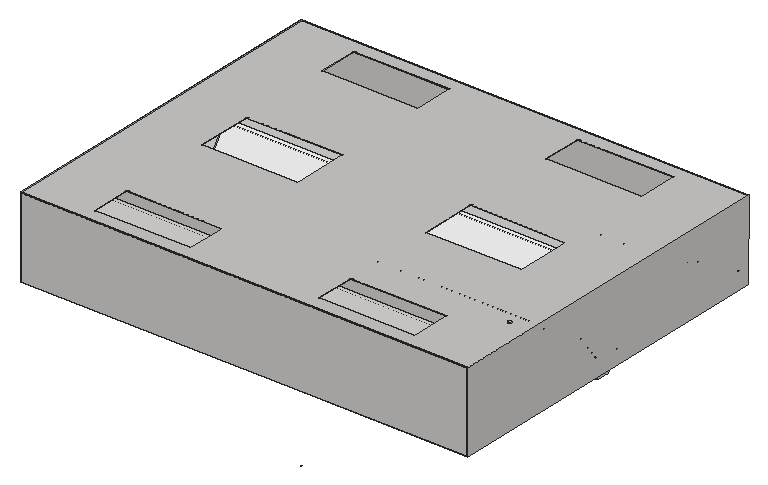
Revit family "QF_ELECTROLUXPROFESSIONAL_641268_STCF2228", category Attrezzature speciali, Revit 2021
Family settings
  Quota connettore circolare = Usa diametro
  Tipo di parte = Normale
  Basato su piano di lavoro = No
  Sempre verticale = Sì
  Taglio con vuoti quando caricato = No
  Condiviso = No
  Punto di calcolo locali = No
Parameters (values of type "Standard")
  Weight = 224.00 kg
  Watts = 480 W
  Volts = 220 V
  URL Manufacturer = "https://www.electroluxprofessional.com/"
  URL = "https://www.electroluxprofessional.com/"
  Steam Supply Size = 0 mm
  Steam Supply Minimum Pressure = 0.0 Pa
  Steam Supply Maximum Pressure = 0.0 Pa
  Steam Consumption per Hour = 0
  Refrigeration Suction Line Size = 0 mm
  Refrigeration Liquid Line Size = 0 mm
  Refrigerant Compressor Remote = yes
  Prospetto di default = 0 mm
  Produttore = "Electrolux Professional"
  Phase = 1
  Modello = "STCF2228"
  Length Actual = 2800 mm  # constant formula
  Item Number = "641268"
  Hot Water Size = 0 mm
  Height Actual = 500 mm  # constant formula
  HP = "0.6 HP"
  Gas Size = 0 mm
  Gas KW = 0
  Gas Input Pressure = 0 W
  Direct Waste Size = 0 mm
  Descrizione = "304 S/S ISLAND HOOD+FILT.+LAMP 2800X2200"
  Depth Actual = 2200 mm  # constant formula
  Cycle = 50 Hz
  Condensate Return Size = 0 mm
  Compressed Air Volume = 0.0 L/s
  Compressed Air Size = 0 mm
  Compressed Air Pressure = 0.0 Pa
  Cold Water Size = 0 mm
  Accessory = yes
Reference planes
  plane 1: z = 0
  plane 2 "Center (Left/Right)": x = 150
  plane 3 "LEFT": x = -1250
  plane 4 "RIGHT": x = 1550
  plane 5 "BACK": y = 550
  plane 6 "TOP": z = 2500
  plane 7 "Base": z = 2000
  plane 8: z = 1955
  plane 9: x = -1247
  plane 10 "DrainX": x = 1430
  plane 11 "AOLeft2": x = -250
  plane 12 "AORight1": x = 550
  plane 13: x = 1547
  plane 14: x = -1050
  plane 15: x = 1350
  plane 16 "Center (Front/Back)": y = -550
  plane 17 "Front": y = -1650
  plane 18 "AOLeft1": x = -850
  plane 19 "AORight2": x = 1150
  plane 20 "EI_y": y = -1170
  plane 21 "EIx": x = 1430
  plane 22: y = 464
  plane 23: y = 214
  plane 24: y = -1564
  plane 25: y = -1314
  plane 26: y = -375
  plane 27: y = -725
Forms (mm)
  Extrusion 1, solid, material "QF_Finishes_Stainless Steel"
    sketch origin (-1250, 0, 360) x (0, 1, 0) y (0, 0, 1)
      loop
        line (550, 1640) -> (550, 2140) -> (-1650, 2140) -> (-1650, 1640) -> (550, 1640)
    from 0 to 3
  Extrusion 2, solid, material "QF_Finishes_Stainless Steel"
    sketch origin (1550, 0, 360) x (0, 1, 0) y (0, 0, 1)
      loop
        line (550, 1640) -> (550, 2140) -> (-1650, 2140) -> (-1650, 1640) -> (550, 1640)
    from 0 to -3
  Extrusion 3, solid, material "QF_Finishes_Stainless Steel"
    sketch origin (150, 0, 360) x (0, 1, 0) y (0, 0, 1)
      loop
        line (-1650, 2140) -> (-1650, 1640) -> (-1640, 1640) -> (-1640, 1640.8) -> (-1649.2, 1640.8) -> (-1649.2, 2139.19) -> (549.2, 2139.19) -> (549.2, 1640.8) -> (540, 1640.8) -> (540, 1640) -> (550, 1640) -> (550, 2140) -> (-1650, 2140)
    from -1400 to 1400
  Extrusion 4, solid, material "QF_Finishes_Stainless Steel"
    sketch origin (0, -840, 2000) x (0, 1, 0) y (-1, 0, 0)
      loop
        circle (290, -1430) r 4.763
    from -30 to 0
  Extrusion 5, void
    sketch origin (0, 0, 2500) x (0, 1, 0) y (-1, 0, 0)
      loop
        line (-1564, 250) -> (-1314, 250) -> (-1314, 850) -> (-1564, 850) -> (-1564, 250)
    from 0 to -10
  Extrusion 6, solid, material "QF_Finishes_Stainless Steel"
    sketch origin (0, 0, 0) x (1, 0, 0) y (0, 1, 0)
      loop
        line (-1250, 550) -> (-1250, 549) -> (-1249, 549) -> (-1249, 550) -> (-1250, 550)
    from 0 to 1
  Sweep 7, solid, material "QF_Finishes_Stainless Steel"
    path origin (0, 0, 0) x (1, 0, 0) y (0, 1, 0)
      loop
        line (1550, 550) -> (-1250, 550) -> (-1250, -1650) -> (1550, -1650) -> (1550, 550)
    profile origin (1550, -550, 0) x (1, 0, 0) y (0, 0, 1)
      loop
        line (-3, 2000) -> (-3, 2000.8) -> (-19, 2000.8) -> (-19, 2010) -> (-20, 2010) -> (-20, 2000) -> (-3, 2000)
  Extrusion 8, solid, material "QF_Finishes_Stainless Steel"
    sketch origin (150, -636.588, -19.176) x (0, 0.995194, 0.097925) y (0, -0.097925, 0.995194)
      loop
        line (214.66, 2095.469) -> (240.643, 2110.471) -> (61.744, 2411.771) -> (35.948, 2396.455) -> (214.66, 2095.469)
    from -1397 to -1200
  Extrusion 9, void
    sketch origin (1134.605, 0, 2500) x (0, 1, 0) y (-1, 0, 0)
      loop
        line (-1564, -15.395) -> (-1314, -15.395) -> (-1314, 584.605) -> (-1564, 584.605) -> (-1564, -15.395)
    from 0 to -10
  Extrusion 10, solid, material "QF_Finishes_Stainless Steel"
    sketch origin (1430, -840, 0) x (0, 1, 0) y (0, 0, 1)
      loop
        line (339, 2000) -> (241, 2000) -> (241, 1989) -> (248.5, 1989) -> (248.5, 1965)
        arc (248.5, 1965) -> (251.429, 1957.929) -> (258.5, 1955) r 10
        line (258.5, 1955) -> (321.5, 1955)
        arc (321.5, 1955) -> (328.571, 1957.929) -> (331.5, 1965) r 10
        line (331.5, 1965) -> (331.5, 1989) -> (339, 1989) -> (339, 2000)
    from 90 to -90
  Extrusion 11, solid, material "QF_Finishes_Stainless Steel"
    sketch origin (150, -636.588, -19.176) x (0, 0.995194, 0.097925) y (0, -0.097925, 0.995194)
      loop
        line (214.66, 2095.469) -> (240.643, 2110.471) -> (61.744, 2411.771) -> (35.948, 2396.455) -> (214.66, 2095.469)
    from 1200 to 1397
  Extrusion 12, solid, material "QF_Finished_Chrome"
    sketch origin (150, -636.588, -19.176) x (0, 0.995194, 0.097925) y (0, -0.097925, 0.995194)
      loop
        line (214.66, 2095.469) -> (240.643, 2110.471) -> (61.744, 2411.771) -> (35.948, 2396.455) -> (214.66, 2095.469)
    from -1200 to 1200
  Extrusion 13, void
    sketch origin (0, 1180, 2500) x (0, 1, 0) y (-1, 0, 0)
      loop
        line (-1555, 250) -> (-1555, 850) -> (-1905, 850) -> (-1905, 250) -> (-1555, 250)
    from 0 to -10
  Extrusion 14, void
    sketch origin (1600, 1180, 2500) x (0, 1, 0) y (-1, 0, 0)
      loop
        line (-1555, 450) -> (-1555, 1050) -> (-1905, 1050) -> (-1905, 450) -> (-1555, 450)
    from 0 to -10
  Extrusion 15, solid, material "QF_Finishes_Stainless Steel"
    sketch origin (0, 0, 2500) x (0, 1, 0) y (-1, 0, 0)
      loop
        circle (-1170, -1430) r 10
    from 0 to 1.6
  Extrusion 16, solid, material "QF_LAMPS"
    sketch origin (150, -267.149, 218.369) x (0, 0.987229, -0.159309) y (0, 0.159309, 0.987229)
      loop
        line (-1250.105, 1928.62) -> (-1096.231, 2053.226) -> (-1104.529, 2063.269) -> (-1258.575, 1938.524) -> (-1250.105, 1928.62)
    from 1397 to -1397
  Extrusion 17, solid, material "QF_Finishes_Stainless Steel"
    sketch origin (150, 0, 360) x (0, 1, 0) y (0, 0, 1)
      loop
        line (-1650, 2139.19) -> (-1650, 1640) -> (-1586.602, 1640) -> (-1499.146, 1690.493) -> (-1510.058, 1709.394) -> (-1566.564, 1676.77) -> (-1614.704, 1680.982) -> (-1649.2, 1730.248) -> (-1649.2, 2139.19) -> (-1650, 2139.19)
      loop
        line (-1194.054, 1961.505) -> (-1200.838, 1972.631) -> (-1186.477, 1980.7) -> (-1186.477, 2127.391) -> (-1085.664, 2127.391) -> (-1029.871, 2072.95) -> (-1022.281, 2060.013) -> (-919.435, 2120.351) -> (-919.902, 2121.003) -> (-1021.996, 2061.107) -> (-1029.236, 2073.448) -> (-1085.338, 2128.191) -> (-1187.277, 2128.191) -> (-1187.277, 1982.446) -> (-1586.208, 1744.533) -> (-1576.362, 1728.386) -> (-1194.054, 1961.505)
    from -1397 to 1397
  Extrusion 18, void
    sketch origin (0, 814, 2500) x (0, 1, 0) y (-1, 0, 0)
      loop
        line (-600, 250) -> (-350, 250) -> (-350, 850) -> (-600, 850) -> (-600, 250)
    from 0 to -10
  Extrusion 19, void
    sketch origin (1134.605, 814, 2500) x (0, 1, 0) y (-1, 0, 0)
      loop
        line (-600, -15.395) -> (-350, -15.395) -> (-350, 584.605) -> (-600, 584.605) -> (-600, -15.395)
    from 0 to -10
  Extrusion 20, solid, material "QF_Finishes_Stainless Steel"
    sketch origin (150, 0, 0) x (0, 1, 0) y (0, 0, 1)
      loop
        line (-628.158, 2087.242) -> (-603.769, 2104.716) -> (-811.314, 2387.05) -> (-835.486, 2369.281) -> (-628.158, 2087.242)
    from -1397 to -1200
  Extrusion 21, solid, material "QF_Finished_Chrome"
    sketch origin (150, 0, 0) x (0, 1, 0) y (0, 0, 1)
      loop
        line (-628.158, 2087.242) -> (-603.769, 2104.716) -> (-811.314, 2387.05) -> (-835.486, 2369.281) -> (-628.158, 2087.242)
    from -1200 to 1200
  Extrusion 22, solid, material "QF_Finishes_Stainless Steel"
    sketch origin (150, -870.88, 319.508) x (0, 0.995194, 0.097925) y (0, -0.097925, 0.995194)
      loop
        line (426.151, 1646.675) -> (483.9, 1640.993) -> (483.982, 1641.83) -> (426.613, 1647.475) -> (371.906, 1742.23) -> (414.858, 1734.657) -> (442.266, 1750.481) -> (442.266, 1765.943) -> (441.466, 1765.943) -> (441.466, 1750.943) -> (414.709, 1735.495) -> (321.153, 1751.991) -> (320.875, 1750.416) -> (371.4, 1741.507) -> (426.151, 1646.675)
      loop
        line (162.878, 2155.907) -> (242.893, 2017.316) -> (245.133, 2018.715) -> (240.13, 2027.381) -> (238.569, 2026.405) -> (163.571, 2156.307) -> (162.878, 2155.907)
    from -1397 to 1397
  Extrusion 23, solid, material "QF_Finishes_Stainless Steel"
    sketch origin (150, -463.412, -19.176) x (0, -0.995194, 0.097925) y (0, -0.097925, -0.995194)
      loop
        line (214.66, -2095.469) -> (35.948, -2396.455) -> (61.744, -2411.771) -> (240.643, -2110.471) -> (214.66, -2095.469)
    from 1200 to 1397
  Extrusion 24, solid, material "QF_Finishes_Stainless Steel"
    sketch origin (150, 0, 0) x (0, 1, 0) y (0, 0, 1)
      loop
        line (-471.842, 2087.242) -> (-264.514, 2369.281) -> (-288.686, 2387.05) -> (-496.231, 2104.716) -> (-471.842, 2087.242)
    from -1397 to -1200
  Extrusion 25, solid, material "QF_Finished_Chrome"
    sketch origin (150, 0, 0) x (0, 1, 0) y (0, 0, 1)
      loop
        line (-471.842, 2087.242) -> (-264.514, 2369.281) -> (-288.686, 2387.05) -> (-496.231, 2104.716) -> (-471.842, 2087.242)
    from -1200 to 1200
  Extrusion 26, solid, material "QF_Finishes_Stainless Steel"
    sketch origin (150, -229.12, 319.508) x (0, -0.995194, 0.097925) y (0, -0.097925, -0.995194)
      loop
        line (426.151, -1646.675) -> (371.4, -1741.507) -> (320.875, -1750.416) -> (321.153, -1751.991) -> (414.709, -1735.495) -> (441.466, -1750.943) -> (441.466, -1765.943) -> (442.266, -1765.943) -> (442.266, -1750.481) -> (414.858, -1734.657) -> (371.906, -1742.23) -> (426.613, -1647.475) -> (483.982, -1641.83) -> (483.9, -1640.993) -> (426.151, -1646.675)
      loop
        line (162.878, -2155.907) -> (163.571, -2156.307) -> (238.569, -2026.405) -> (240.13, -2027.381) -> (245.133, -2018.715) -> (242.893, -2017.316) -> (162.878, -2155.907)
    from -1397 to 1397
  Extrusion 27, solid, material "QF_LAMPS"
    sketch origin (150, -832.851, 218.369) x (0, -0.987229, -0.159309) y (0, 0.159309, -0.987229)
      loop
        line (-1250.105, -1928.62) -> (-1258.575, -1938.524) -> (-1104.529, -2063.269) -> (-1096.231, -2053.226) -> (-1250.105, -1928.62)
    from 1397 to -1397
  Extrusion 28, solid, material "QF_Finishes_Stainless Steel"
    sketch origin (150, -1100, 360) x (0, -1, 0) y (0, 0, -1)
      loop
        line (-1650, -2139.19) -> (-1649.2, -2139.19) -> (-1649.2, -1730.248) -> (-1614.704, -1680.982) -> (-1566.564, -1676.77) -> (-1510.058, -1709.394) -> (-1499.146, -1690.493) -> (-1586.602, -1640) -> (-1650, -1640) -> (-1650, -2139.19)
      loop
        line (-1194.054, -1961.505) -> (-1576.362, -1728.386) -> (-1586.208, -1744.533) -> (-1187.277, -1982.446) -> (-1187.277, -2128.191) -> (-1085.338, -2128.191) -> (-1029.236, -2073.448) -> (-1021.996, -2061.107) -> (-919.902, -2121.003) -> (-919.435, -2120.351) -> (-1022.281, -2060.013) -> (-1029.871, -2072.95) -> (-1085.664, -2127.391) -> (-1186.477, -2127.391) -> (-1186.477, -1980.7) -> (-1200.838, -1972.631) -> (-1194.054, -1961.505)
    from -1397 to 1397
Cuts and joins
  Extrusion 5, Extrusion 9, Extrusion 13, Extrusion 14, Extrusion 18, Extrusion 19 cuts Extrusion 3
  joined: Extrusion 2, Extrusion 3, Sweep 7
Lines and regions (mm)
  symbolic lines, style "SpecialityEquipment", detail levels coarse
    curve 1: line (1550, 550, 2500) -> (-1250, 550, 2500)
    curve 2: line (-1250, 550, 2500) -> (-1250, -1650, 2500)
    curve 3: line (1550, -1650, 2500) -> (1550, 550, 2500)
    curve 4: line (-1250, 550, 0) -> (1550, -1650, 0)
    curve 5: line (1550, 550, 0) -> (-1250, -1650, 0)
    curve 6: line (-1250, -1650, 0) -> (1550, -1650, 0)
  symbolic lines, detail levels coarse
    curve 7: line (-850, 464, 2500) -> (-250, 464, 2500)
    curve 8: line (-850, 214, 2500) -> (-850, 464, 2500)
    curve 9: line (-250, 214, 2500) -> (-850, 214, 2500)
    curve 10: line (-250, 464, 2500) -> (-250, 214, 2500)
    curve 11: line (550, 464, 2500) -> (1150, 464, 2500)
    curve 12: line (550, 214, 2500) -> (550, 464, 2500)
    curve 13: line (1150, 214, 2500) -> (550, 214, 2500)
    curve 14: line (1150, 464, 2500) -> (1150, 214, 2500)
    curve 15: line (-850, -375, 2500) -> (-250, -375, 2500)
    curve 16: line (-850, -725, 2500) -> (-850, -375, 2500)
    curve 17: line (-250, -725, 2500) -> (-850, -725, 2500)
    curve 18: line (-250, -375, 2500) -> (-250, -725, 2500)
    curve 19: line (550, -375, 2500) -> (1150, -375, 2500)
    curve 20: line (550, -725, 2500) -> (550, -375, 2500)
    curve 21: line (1150, -725, 2500) -> (550, -725, 2500)
    curve 22: line (1150, -375, 2500) -> (1150, -725, 2500)
    curve 23: line (-850, -1314, 2500) -> (-250, -1314, 2500)
    curve 24: line (-850, -1564, 2500) -> (-850, -1314, 2500)
    curve 25: line (-250, -1564, 2500) -> (-850, -1564, 2500)
    curve 26: line (-250, -1314, 2500) -> (-250, -1564, 2500)
    curve 27: line (550, -1314, 2500) -> (1150, -1314, 2500)
    curve 28: line (550, -1564, 2500) -> (550, -1314, 2500)
    curve 29: line (1150, -1564, 2500) -> (550, -1564, 2500)
    curve 30: line (1150, -1314, 2500) -> (1150, -1564, 2500)
Dimensions and locks
  plane 3 "LEFT" to plane 4 "RIGHT" = 2800 mm
  equal spacing: plane 3 "LEFT", plane 2 "Center (Left/Right)", plane 4 "RIGHT"
  plane 7 "Base" to plane 8 = 45 mm
  plane 3 "LEFT" to plane 9 = 3 mm
  plane 10 "DrainX" to plane 4 "RIGHT" = 120 mm
  plane 13 to plane 4 "RIGHT" = 3 mm
  plane 3 "LEFT" to plane 14 = 200 mm
  plane 15 to plane 4 "RIGHT" = 200 mm
  locked: plane 11 "AOLeft2" to plane 12 "AORight1" at 800
  equal spacing: plane 11 "AOLeft2", plane 2 "Center (Left/Right)", plane 12 "AORight1"
  locked: plane 7 "Base" to level at 2000
  locked: plane 6 "TOP" to plane 7 "Base" at 500
  locked: plane 18 "AOLeft1" to plane 11 "AOLeft2" at 600
  locked: plane 12 "AORight1" to plane 19 "AORight2" at 600
  locked: plane 20 "EI_y" to plane 17 "Front" at 480
  locked: plane 21 "EIx" to plane 4 "RIGHT" at 120
  locked: plane 5 "BACK" to plane 22 at 86
  plane 22 to plane 23 = 250 mm
  locked: plane 24 to plane 17 "Front" at 86
  locked: plane 24 to plane 25 at 250
  plane 26 to plane 16 "Center (Front/Back)" = 175 mm
  plane 16 "Center (Front/Back)" to plane 27 = 175 mm
  plane 26 to plane 27 = 350 mm
  locked: plane 5 "BACK" to plane 17 "Front" at 2200
  plane 5 "BACK" to plane 16 "Center (Front/Back)" to plane 17 "Front" = 1100 mm, 1100 mm
  plane 5 "BACK" to plane 17 "Front" = 2200 mm
  aligned and locked: level to plane 1
  aligned and locked: plane 4 "RIGHT" to Extrusion 3
  aligned and locked: Extrusion 3 to plane 3 "LEFT"
  aligned and locked: Extrusion 2 to plane 13
  aligned and locked: Extrusion 8 to plane 9
  aligned and locked: plane 18 "AOLeft1" to Extrusion 5
  aligned and locked: Extrusion 5 to plane 11 "AOLeft2"
  aligned and locked: Extrusion 9 to plane 19 "AORight2"
  aligned and locked: plane 12 "AORight1" to Extrusion 9
  aligned and locked: plane 14 to Extrusion 8
  aligned and locked: plane 15 to Extrusion 11
  aligned and locked: plane 13 to Extrusion 11
  aligned and locked: Extrusion 12 to plane 14
  aligned and locked: Extrusion 12 to plane 15
  aligned and locked: plane 12 "AORight1" to Extrusion 14
  aligned and locked: plane 19 "AORight2" to Extrusion 14
  aligned and locked: Extrusion 13 to plane 18 "AOLeft1"
  aligned and locked: Extrusion 13 to plane 11 "AOLeft2"
  aligned and locked: plane 24 to Extrusion 5
  aligned and locked: Extrusion 5 to plane 25
  aligned and locked: Extrusion 9 to plane 25
  aligned and locked: plane 24 to Extrusion 9
  aligned and locked: Extrusion 18 to plane 18 "AOLeft1"
  aligned and locked: Extrusion 18 to plane 11 "AOLeft2"
  aligned and locked: plane 12 "AORight1" to Extrusion 19
  aligned and locked: plane 19 "AORight2" to Extrusion 19
  aligned and locked: plane 26 to Extrusion 13
  aligned and locked: Extrusion 13 to plane 27
  aligned and locked: plane 26 to Extrusion 14
  aligned and locked: Extrusion 14 to plane 27
  aligned and locked: plane 22 to Extrusion 18
  aligned and locked: Extrusion 18 to plane 23
  aligned and locked: plane 22 to Extrusion 19
  aligned and locked: Extrusion 19 to plane 23
  aligned and locked: Extrusion 17 to plane 9
  aligned and locked: Extrusion 16 to plane 9
  aligned and locked: Extrusion 16 to plane 13
  aligned and locked: Extrusion 17 to plane 13
  aligned and locked: Extrusion 28 to plane 9
  aligned and locked: Extrusion 27 to plane 9
  aligned and locked: Extrusion 26 to plane 9
  aligned and locked: plane 9 to Extrusion 20
  aligned and locked: Extrusion 22 to plane 9
  aligned and locked: plane 14 to Extrusion 20
  aligned and locked: Extrusion 25 to plane 14
  aligned and locked: plane 13 to Extrusion 22
  aligned and locked: plane 13 to Extrusion 26
  aligned and locked: plane 13 to Extrusion 28
  aligned and locked: Extrusion 23 to plane 13
  aligned and locked: plane 13 to Extrusion 27
  aligned and locked: Extrusion 21 to plane 14
  aligned and locked: Extrusion 21 to plane 15
  aligned and locked: plane 15 to Extrusion 23
  aligned and locked: Extrusion 25 to plane 15
  aligned and locked: plane 14 to Extrusion 24
  aligned and locked: Extrusion 24 to plane 9
Automatic sketch dimensions
  curve 6 to plane 3 "LEFT" = 0 mm
  curve 4 to plane 3 "LEFT" = 0 mm
  curve 5 to plane 4 "RIGHT" = 0 mm
  curve 6 to plane 4 "RIGHT" = 0 mm
  curve 4 to plane 17 "Front" = 0 mm
  curve 5 to plane 5 "BACK" = 0 mm
  curve 4 to plane 5 "BACK" = 0 mm
  Extrusion 1 sketch curve to plane 7 "Base" = 0 mm
  Extrusion 1 sketch curve to plane 17 "Front" = 0 mm
  Extrusion 1 sketch curve to plane 5 "BACK" = 0 mm
  Extrusion 1 sketch curve to plane 6 "TOP" = 0 mm
  Extrusion 2 sketch curve to plane 7 "Base" = 0 mm
  Extrusion 2 sketch curve to plane 17 "Front" = 0 mm
  Extrusion 2 sketch curve to plane 5 "BACK" = 0 mm
  Extrusion 2 sketch curve to plane 6 "TOP" = 0 mm
  Extrusion 3 sketch curve to plane 6 "TOP" = 0 mm
  Extrusion 3 sketch curve to plane 17 "Front" = 0 mm
  Extrusion 3 sketch curve to plane 7 "Base" = 0 mm  (x2)
  Extrusion 3 sketch curve to plane 5 "BACK" = 0 mm
  plane 17 "Front" to Extrusion 3 sketch curve = 0.8 mm
  Extrusion 3 sketch curve to Extrusion 3 sketch curve = 9.2 mm
  plane 7 "Base" to Extrusion 3 sketch curve = 0.8 mm  (x2)
  Extrusion 3 sketch curve to plane 5 "BACK" = 10 mm
  Extrusion 3 sketch curve to plane 5 "BACK" = 0.8 mm
  Extrusion 3 sketch curve to plane 6 "TOP" = 0.81 mm
  Extrusion 4 sketch curve to plane 10 "DrainX" = 0 mm
  Extrusion 4 sketch curve to plane 16 "Center (Front/Back)" = 0 mm
  Extrusion 5 sketch curve to plane 18 "AOLeft1" = 0 mm
  plane 24 to Extrusion 5 sketch curve = 0 mm
  Extrusion 5 sketch curve to plane 11 "AOLeft2" = 0 mm
  plane 25 to Extrusion 5 sketch curve = 0 mm
  Extrusion 6 sketch curve to plane 3 "LEFT" = 0 mm
  Extrusion 6 sketch curve to plane 5 "BACK" = 0 mm
  plane 3 "LEFT" to Extrusion 6 sketch curve = 1 mm
  Extrusion 6 sketch curve to Extrusion 6 sketch curve = 1 mm
  Sweep 7 sketch curve to plane 3 "LEFT" = 0 mm
  Sweep 7 sketch curve to plane 4 "RIGHT" = 0 mm
  Sweep 7 sketch curve to plane 17 "Front" = 0 mm
  Sweep 7 sketch curve to plane 5 "BACK" = 0 mm
  profile plane to Sweep 7 sketch curve = 20 mm
  Sweep 7 sketch curve to Sweep 7 sketch curve = 1 mm
  profile plane to Sweep 7 sketch curve = 3 mm
  level to Sweep 7 sketch curve = 2000 mm
  Sweep 7 sketch curve to Sweep 7 sketch curve = 0.8 mm
  Sweep 7 sketch curve to Sweep 7 sketch curve = 9.2 mm
  Extrusion 8 sketch curve to plane 27 = 110.486 mm
  Extrusion 8 sketch curve to plane 6 "TOP" = 130.719 mm
  Extrusion 8 sketch curve to Extrusion 8 sketch curve = 25.795 mm
  Extrusion 8 sketch curve to Extrusion 8 sketch curve = 178.712 mm
  Extrusion 8 sketch curve to Extrusion 8 sketch curve = 25.983 mm
  Extrusion 8 sketch curve to Extrusion 8 sketch curve = 285.985 mm
  Extrusion 8 sketch curve to Extrusion 8 sketch curve = 15.001 mm
  Extrusion 8 sketch curve to Extrusion 8 sketch curve = 15.316 mm
  Extrusion 9 sketch curve to plane 12 "AORight1" = 0 mm
  plane 24 to Extrusion 9 sketch curve = 0 mm
  Extrusion 9 sketch curve to plane 19 "AORight2" = 0 mm
  plane 25 to Extrusion 9 sketch curve = 0 mm
  Extrusion 10 sketch curve to plane 8 = 0 mm
  Extrusion 10 sketch curve to plane 7 "Base" = 11 mm  (x2)
  Extrusion 10 sketch curve to plane 16 "Center (Front/Back)" = 49 mm
  Extrusion 10 sketch curve to Extrusion 10 sketch curve = 7.5 mm  (x2)
  plane 8 to Extrusion 10 sketch curve = 10 mm
  plane 16 "Center (Front/Back)" to Extrusion 10 sketch curve = 31.5 mm
  Extrusion 10 sketch curve to Extrusion 10 sketch curve = 10 mm
  plane 7 "Base" to Extrusion 10 sketch curve = 0 mm
  Extrusion 11 sketch curve to plane 27 = 110.486 mm
  Extrusion 11 sketch curve to plane 6 "TOP" = 130.719 mm
  Extrusion 11 sketch curve to Extrusion 11 sketch curve = 25.795 mm
  Extrusion 11 sketch curve to Extrusion 11 sketch curve = 178.712 mm
  Extrusion 11 sketch curve to Extrusion 11 sketch curve = 25.983 mm
  Extrusion 11 sketch curve to Extrusion 11 sketch curve = 285.985 mm
  Extrusion 11 sketch curve to Extrusion 11 sketch curve = 15.001 mm
  Extrusion 11 sketch curve to Extrusion 11 sketch curve = 15.316 mm
  Extrusion 12 sketch curve to plane 27 = 110.486 mm
  Extrusion 12 sketch curve to plane 6 "TOP" = 130.719 mm
  Extrusion 12 sketch curve to Extrusion 12 sketch curve = 25.795 mm
  Extrusion 12 sketch curve to Extrusion 12 sketch curve = 178.712 mm
  Extrusion 12 sketch curve to Extrusion 12 sketch curve = 25.983 mm
  Extrusion 12 sketch curve to Extrusion 12 sketch curve = 285.985 mm
  Extrusion 12 sketch curve to Extrusion 12 sketch curve = 15.001 mm
  Extrusion 12 sketch curve to Extrusion 12 sketch curve = 15.316 mm
  Extrusion 13 sketch curve to plane 11 "AOLeft2" = 0 mm
  Extrusion 13 sketch curve to plane 27 = 0 mm
  Extrusion 13 sketch curve to plane 26 = 0 mm
  Extrusion 13 sketch curve to plane 18 "AOLeft1" = 0 mm
  Extrusion 14 sketch curve to plane 19 "AORight2" = 0 mm
  Extrusion 14 sketch curve to plane 27 = 0 mm
  Extrusion 14 sketch curve to plane 26 = 0 mm
  Extrusion 14 sketch curve to plane 12 "AORight1" = 0 mm
  Extrusion 15 sketch curve to plane 20 "EI_y" = 0 mm
  Extrusion 15 sketch curve to plane 21 "EIx" = 0 mm
  Extrusion 16 sketch curve to plane 20 "EI_y" = 30.826 mm
  Extrusion 16 sketch curve to plane 6 "TOP" = 167.362 mm
  Extrusion 16 sketch curve to Extrusion 16 sketch curve = 8.47 mm
  Extrusion 16 sketch curve to Extrusion 16 sketch curve = 154.047 mm
  Extrusion 16 sketch curve to Extrusion 16 sketch curve = 8.298 mm
  Extrusion 16 sketch curve to Extrusion 16 sketch curve = 9.904 mm
  Extrusion 16 sketch curve to Extrusion 16 sketch curve = 124.605 mm
  Extrusion 16 sketch curve to Extrusion 16 sketch curve = 10.043 mm
  Extrusion 17 sketch curve to plane 17 "Front" = 0 mm
  Extrusion 17 sketch curve to plane 7 "Base" = 0 mm
  plane 17 "Front" to Extrusion 17 sketch curve = 0.8 mm
  plane 17 "Front" to Extrusion 17 sketch curve = 35.296 mm
  plane 24 to Extrusion 17 sketch curve = 22.602 mm
  plane 24 to Extrusion 17 sketch curve = 22.208 mm
  plane 24 to Extrusion 17 sketch curve = 12.362 mm
  plane 24 to Extrusion 17 sketch curve = 2.564 mm
  Extrusion 17 sketch curve to plane 24 = 53.942 mm
  Extrusion 17 sketch curve to Extrusion 17 sketch curve = 10.912 mm
  Extrusion 17 sketch curve to plane 20 "EI_y" = 30.838 mm
  Extrusion 17 sketch curve to Extrusion 17 sketch curve = 6.784 mm
  Extrusion 17 sketch curve to Extrusion 17 sketch curve = 13.561 mm
  Extrusion 17 sketch curve to Extrusion 17 sketch curve = 0.8 mm  (x2)
  Extrusion 17 sketch curve to plane 6 "TOP" = 12.609 mm
  plane 20 "EI_y" to Extrusion 17 sketch curve = 84.336 mm
  Extrusion 17 sketch curve to Extrusion 17 sketch curve = 0.326 mm
  Extrusion 17 sketch curve to plane 6 "TOP" = 67.05 mm
  Extrusion 17 sketch curve to Extrusion 17 sketch curve = 55.793 mm
  Extrusion 17 sketch curve to plane 6 "TOP" = 66.552 mm
  Extrusion 17 sketch curve to Extrusion 17 sketch curve = 0.636 mm
  Extrusion 17 sketch curve to Extrusion 17 sketch curve = 7.59 mm
  Extrusion 17 sketch curve to plane 6 "TOP" = 78.893 mm
  Extrusion 17 sketch curve to Extrusion 17 sketch curve = 0.285 mm
  Extrusion 17 sketch curve to plane 6 "TOP" = 18.997 mm
  Extrusion 17 sketch curve to plane 6 "TOP" = 19.649 mm
  Extrusion 17 sketch curve to Extrusion 17 sketch curve = 0.467 mm
  plane 7 "Base" to Extrusion 17 sketch curve = 36.77 mm
  plane 7 "Base" to Extrusion 17 sketch curve = 40.982 mm
  plane 7 "Base" to Extrusion 17 sketch curve = 50.493 mm
  Extrusion 17 sketch curve to Extrusion 17 sketch curve = 18.901 mm
  Extrusion 17 sketch curve to Extrusion 17 sketch curve = 51.616 mm
  Extrusion 17 sketch curve to Extrusion 17 sketch curve = 49.266 mm
  Extrusion 17 sketch curve to Extrusion 17 sketch curve = 16.147 mm
  Extrusion 17 sketch curve to Extrusion 17 sketch curve = 165.885 mm
  Extrusion 17 sketch curve to Extrusion 17 sketch curve = 8.069 mm
  Extrusion 17 sketch curve to Extrusion 17 sketch curve = 1.746 mm
  Extrusion 17 sketch curve to Extrusion 17 sketch curve = 1.094 mm
  Extrusion 17 sketch curve to plane 6 "TOP" = 0.81 mm
  plane 18 "AOLeft1" to Extrusion 18 sketch curve = 0 mm
  Extrusion 18 sketch curve to plane 23 = 0 mm
  Extrusion 18 sketch curve to plane 11 "AOLeft2" = 0 mm
  Extrusion 18 sketch curve to plane 22 = 0 mm
  Extrusion 19 sketch curve to plane 12 "AORight1" = 0 mm
  Extrusion 19 sketch curve to plane 23 = 0 mm
  Extrusion 19 sketch curve to plane 19 "AORight2" = 0 mm
  Extrusion 19 sketch curve to plane 22 = 0 mm
  Extrusion 22 sketch curve to plane 6 "TOP" = 18.997 mm
  Extrusion 22 sketch curve to plane 27 = 194.902 mm
  Extrusion 22 sketch curve to Extrusion 22 sketch curve = 0.693 mm
  Extrusion 22 sketch curve to Extrusion 22 sketch curve = 74.998 mm
  Extrusion 22 sketch curve to Extrusion 22 sketch curve = 1.561 mm
  Extrusion 22 sketch curve to Extrusion 22 sketch curve = 4.324 mm
  Extrusion 22 sketch curve to Extrusion 22 sketch curve = 2.24 mm
  Extrusion 22 sketch curve to Extrusion 22 sketch curve = 77.982 mm
  Extrusion 22 sketch curve to Extrusion 22 sketch curve = 0.278 mm
  Extrusion 22 sketch curve to Extrusion 22 sketch curve = 50.525 mm
  Extrusion 22 sketch curve to Extrusion 22 sketch curve = 0.506 mm
  Extrusion 22 sketch curve to Extrusion 22 sketch curve = 42.803 mm
  Extrusion 22 sketch curve to Extrusion 22 sketch curve = 0.148 mm
  Extrusion 22 sketch curve to Extrusion 22 sketch curve = 11.294 mm
  Extrusion 22 sketch curve to Extrusion 22 sketch curve = 0.462 mm  (x2)
  Extrusion 22 sketch curve to Extrusion 22 sketch curve = 57.287 mm
  Extrusion 22 sketch curve to Extrusion 22 sketch curve = 0.082 mm
  Extrusion 22 sketch curve to Extrusion 22 sketch curve = 26.757 mm
  Extrusion 22 sketch curve to Extrusion 22 sketch curve = 0.8 mm
  Extrusion 22 sketch curve to Extrusion 22 sketch curve = 128.526 mm
  Extrusion 22 sketch curve to Extrusion 22 sketch curve = 0.975 mm
  Extrusion 22 sketch curve to Extrusion 22 sketch curve = 1.399 mm
  Extrusion 22 sketch curve to Extrusion 22 sketch curve = 252.773 mm
  Extrusion 22 sketch curve to Extrusion 22 sketch curve = 13.951 mm
  Extrusion 22 sketch curve to Extrusion 22 sketch curve = 15 mm
  Extrusion 22 sketch curve to Extrusion 22 sketch curve = 1.575 mm
  Extrusion 22 sketch curve to Extrusion 22 sketch curve = 0.723 mm
  Extrusion 22 sketch curve to Extrusion 22 sketch curve = 0.838 mm
  Extrusion 22 sketch curve to Extrusion 22 sketch curve = 87.182 mm
  Extrusion 22 sketch curve to Extrusion 22 sketch curve = 5.645 mm
  Extrusion 23 sketch curve to plane 26 = 110.486 mm
  plane 6 "TOP" to Extrusion 23 sketch curve = 130.719 mm
  Extrusion 23 sketch curve to Extrusion 23 sketch curve = 25.795 mm
  Extrusion 23 sketch curve to Extrusion 23 sketch curve = 178.712 mm
  Extrusion 23 sketch curve to Extrusion 23 sketch curve = 25.983 mm
  Extrusion 23 sketch curve to Extrusion 23 sketch curve = 285.985 mm
  Extrusion 23 sketch curve to Extrusion 23 sketch curve = 15.001 mm
  Extrusion 23 sketch curve to Extrusion 23 sketch curve = 15.316 mm
  Extrusion 26 sketch curve to plane 6 "TOP" = 18.997 mm
  plane 26 to Extrusion 26 sketch curve = 194.902 mm
  Extrusion 26 sketch curve to Extrusion 26 sketch curve = 0.693 mm
  Extrusion 26 sketch curve to Extrusion 26 sketch curve = 74.998 mm
  Extrusion 26 sketch curve to Extrusion 26 sketch curve = 1.561 mm
  Extrusion 26 sketch curve to Extrusion 26 sketch curve = 4.324 mm
  Extrusion 26 sketch curve to Extrusion 26 sketch curve = 2.24 mm
  Extrusion 26 sketch curve to Extrusion 26 sketch curve = 77.982 mm
  Extrusion 26 sketch curve to Extrusion 26 sketch curve = 0.278 mm
  Extrusion 26 sketch curve to Extrusion 26 sketch curve = 50.525 mm
  Extrusion 26 sketch curve to Extrusion 26 sketch curve = 0.506 mm
  Extrusion 26 sketch curve to Extrusion 26 sketch curve = 42.803 mm
  Extrusion 26 sketch curve to Extrusion 26 sketch curve = 0.148 mm
  Extrusion 26 sketch curve to Extrusion 26 sketch curve = 11.294 mm
  Extrusion 26 sketch curve to Extrusion 26 sketch curve = 0.462 mm  (x2)
  Extrusion 26 sketch curve to Extrusion 26 sketch curve = 57.287 mm
  Extrusion 26 sketch curve to Extrusion 26 sketch curve = 0.082 mm
  Extrusion 26 sketch curve to Extrusion 26 sketch curve = 26.757 mm
  Extrusion 26 sketch curve to Extrusion 26 sketch curve = 0.8 mm
  Extrusion 26 sketch curve to Extrusion 26 sketch curve = 0.4 mm
  Extrusion 26 sketch curve to Extrusion 26 sketch curve = 0.975 mm
  Extrusion 26 sketch curve to Extrusion 26 sketch curve = 1.399 mm
  Extrusion 26 sketch curve to Extrusion 26 sketch curve = 252.773 mm
  Extrusion 26 sketch curve to Extrusion 26 sketch curve = 13.951 mm
  Extrusion 26 sketch curve to Extrusion 26 sketch curve = 15 mm
  Extrusion 26 sketch curve to Extrusion 26 sketch curve = 1.575 mm
  Extrusion 26 sketch curve to Extrusion 26 sketch curve = 0.723 mm
  Extrusion 26 sketch curve to Extrusion 26 sketch curve = 0.838 mm
  Extrusion 26 sketch curve to Extrusion 26 sketch curve = 87.182 mm
  Extrusion 26 sketch curve to Extrusion 26 sketch curve = 5.645 mm
  plane 23 to Extrusion 27 sketch curve = 113.174 mm
  plane 6 "TOP" to Extrusion 27 sketch curve = 167.362 mm
  Extrusion 27 sketch curve to Extrusion 27 sketch curve = 8.47 mm
  Extrusion 27 sketch curve to Extrusion 27 sketch curve = 154.047 mm
  Extrusion 27 sketch curve to Extrusion 27 sketch curve = 8.298 mm
  Extrusion 27 sketch curve to Extrusion 27 sketch curve = 9.904 mm
  Extrusion 27 sketch curve to Extrusion 27 sketch curve = 124.605 mm
  Extrusion 27 sketch curve to Extrusion 27 sketch curve = 10.043 mm
  Extrusion 28 sketch curve to plane 5 "BACK" = 0 mm
  Extrusion 28 sketch curve to plane 7 "Base" = 0 mm
  Extrusion 28 sketch curve to Extrusion 28 sketch curve = 0.8 mm  (x3)
  plane 5 "BACK" to Extrusion 28 sketch curve = 35.296 mm
  Extrusion 28 sketch curve to plane 22 = 22.602 mm
  Extrusion 28 sketch curve to plane 22 = 22.208 mm
  Extrusion 28 sketch curve to plane 22 = 12.362 mm
  Extrusion 28 sketch curve to plane 22 = 2.564 mm
  plane 22 to Extrusion 28 sketch curve = 53.942 mm
  Extrusion 28 sketch curve to Extrusion 28 sketch curve = 10.912 mm
  plane 23 to Extrusion 28 sketch curve = 113.162 mm
  Extrusion 28 sketch curve to Extrusion 28 sketch curve = 6.784 mm
  Extrusion 28 sketch curve to Extrusion 28 sketch curve = 13.561 mm
  plane 6 "TOP" to Extrusion 28 sketch curve = 12.609 mm
  Extrusion 28 sketch curve to Extrusion 28 sketch curve = 100.813 mm
  Extrusion 28 sketch curve to Extrusion 28 sketch curve = 0.326 mm
  plane 6 "TOP" to Extrusion 28 sketch curve = 67.05 mm
  Extrusion 28 sketch curve to Extrusion 28 sketch curve = 55.793 mm
  plane 6 "TOP" to Extrusion 28 sketch curve = 66.552 mm
  Extrusion 28 sketch curve to Extrusion 28 sketch curve = 0.636 mm
  plane 6 "TOP" to Extrusion 28 sketch curve = 79.987 mm
  Extrusion 28 sketch curve to Extrusion 28 sketch curve = 7.59 mm
  plane 6 "TOP" to Extrusion 28 sketch curve = 78.893 mm
  Extrusion 28 sketch curve to Extrusion 28 sketch curve = 0.285 mm
  plane 6 "TOP" to Extrusion 28 sketch curve = 18.997 mm
  plane 6 "TOP" to Extrusion 28 sketch curve = 19.649 mm
  Extrusion 28 sketch curve to Extrusion 28 sketch curve = 0.467 mm
  Extrusion 28 sketch curve to plane 7 "Base" = 36.77 mm
  Extrusion 28 sketch curve to plane 7 "Base" = 40.982 mm
  Extrusion 28 sketch curve to plane 7 "Base" = 50.493 mm
  Extrusion 28 sketch curve to Extrusion 28 sketch curve = 18.901 mm
  Extrusion 28 sketch curve to Extrusion 28 sketch curve = 51.616 mm
  Extrusion 28 sketch curve to Extrusion 28 sketch curve = 49.266 mm
  Extrusion 28 sketch curve to Extrusion 28 sketch curve = 16.147 mm
  Extrusion 28 sketch curve to Extrusion 28 sketch curve = 165.885 mm
  Extrusion 28 sketch curve to Extrusion 28 sketch curve = 8.069 mm
  Extrusion 28 sketch curve to Extrusion 28 sketch curve = 1.746 mm
  plane 6 "TOP" to Extrusion 28 sketch curve = 0.81 mm
  Extrusion 21 sketch curve to plane 27 = 110.486 mm
  Extrusion 21 sketch curve to Extrusion 21 sketch curve = 24.172 mm
  Extrusion 21 sketch curve to plane 16 "Center (Front/Back)" = 78.158 mm
  Extrusion 21 sketch curve to Extrusion 21 sketch curve = 24.389 mm
  plane 7 "Base" to Extrusion 21 sketch curve = 87.242 mm
  Extrusion 21 sketch curve to Extrusion 21 sketch curve = 17.473 mm
  Extrusion 21 sketch curve to plane 6 "TOP" = 130.719 mm
  Extrusion 21 sketch curve to Extrusion 21 sketch curve = 17.769 mm
  Extrusion 20 sketch curve to plane 27 = 110.486 mm
  Extrusion 20 sketch curve to Extrusion 20 sketch curve = 24.172 mm
  Extrusion 20 sketch curve to plane 16 "Center (Front/Back)" = 78.158 mm
  Extrusion 20 sketch curve to Extrusion 20 sketch curve = 24.389 mm
  plane 7 "Base" to Extrusion 20 sketch curve = 87.242 mm
  Extrusion 20 sketch curve to Extrusion 20 sketch curve = 17.473 mm
  Extrusion 20 sketch curve to plane 6 "TOP" = 130.719 mm
  Extrusion 20 sketch curve to Extrusion 20 sketch curve = 17.769 mm
  plane 16 "Center (Front/Back)" to Extrusion 24 sketch curve = 53.769 mm
  Extrusion 24 sketch curve to Extrusion 24 sketch curve = 24.389 mm
  plane 26 to Extrusion 24 sketch curve = 86.314 mm
  Extrusion 24 sketch curve to Extrusion 24 sketch curve = 24.172 mm
  plane 7 "Base" to Extrusion 24 sketch curve = 87.242 mm
  Extrusion 24 sketch curve to Extrusion 24 sketch curve = 17.473 mm
  Extrusion 24 sketch curve to plane 6 "TOP" = 130.719 mm
  Extrusion 24 sketch curve to Extrusion 24 sketch curve = 17.769 mm
  plane 16 "Center (Front/Back)" to Extrusion 25 sketch curve = 53.769 mm
  Extrusion 25 sketch curve to Extrusion 25 sketch curve = 24.389 mm
  plane 26 to Extrusion 25 sketch curve = 86.314 mm
  Extrusion 25 sketch curve to Extrusion 25 sketch curve = 24.172 mm
  plane 7 "Base" to Extrusion 25 sketch curve = 87.242 mm
  Extrusion 25 sketch curve to Extrusion 25 sketch curve = 17.473 mm
  Extrusion 25 sketch curve to plane 6 "TOP" = 130.719 mm
  Extrusion 25 sketch curve to Extrusion 25 sketch curve = 17.769 mm
  curve 2 to plane 3 "LEFT" = 0 mm
  curve 2 to plane 17 "Front" = 0 mm
  curve 3 to plane 4 "RIGHT" = 0 mm
  curve 3 to plane 17 "Front" = 0 mm
  curve 29 to plane 12 "AORight1" = 0 mm
  plane 24 to curve 29 = 0 mm
  curve 25 to plane 11 "AOLeft2" = 0 mm
  plane 24 to curve 25 = 0 mm
  plane 25 to curve 26 = 0 mm
  plane 25 to curve 28 = 0 mm
  curve 22 to plane 19 "AORight2" = 0 mm
  curve 22 to plane 27 = 0 mm
  curve 18 to plane 11 "AOLeft2" = 0 mm
  curve 18 to plane 27 = 0 mm
  curve 16 to plane 18 "AOLeft1" = 0 mm
  curve 16 to plane 26 = 0 mm
  curve 19 to plane 12 "AORight1" = 0 mm
  curve 19 to plane 26 = 0 mm
  curve 13 to plane 12 "AORight1" = 0 mm
  curve 13 to plane 23 = 0 mm
  curve 9 to plane 11 "AOLeft2" = 0 mm
  curve 9 to plane 23 = 0 mm
  curve 10 to plane 22 = 0 mm
  curve 12 to plane 22 = 0 mm
  curve 2 to plane 5 "BACK" = 0 mm
  curve 27 to plane 19 "AORight2" = 0 mm
  curve 14 to plane 19 "AORight2" = 0 mm
  curve 7 to plane 18 "AOLeft1" = 0 mm
  curve 24 to plane 18 "AOLeft1" = 0 mm
  radius of Extrusion 4 sketch curve = 4.763 mm
  radius of Extrusion 15 sketch curve = 10 mm
Connectors
  piping at (1430, -550, 1970), diameter 9.5
    settings: on Extrusion 4, index 1, connector inside diameter 609.6 mm, connector length 0 mm, flow factor 0, pipe flow 0.0 L/s, pressure drop 0.0 Pa, fitting loss kfactor 0, connector angle 0.00°, fixture units 0, engagement length 0 mm, angle of deflection 0.00°, flow configuration 1, flow direction 2, fitting loss method 0, system type 16, joint type 0, gender type 0, connector reference index -1, connector utility 0, adjustable connector no, is connector primary yes, connector description "Drain"
  hvac at (-550, -1439, 2500)
    settings: on Extrusion 5, index 2, duct flow 0.0 L/s, flow factor 0, pres drop 0.0 Pa, loss coef 0, conn angle 0.00°, conn width 250 mm, conn height 600 mm, conn diameter 609.6 mm, duct sys type 1, conn prof type 1, flow config 1, flow direction 1, loss method 0, conn ref index -1, conn util no, is conn primary yes, conn desc "AIR INLET"
  hvac at (850, -1439, 2500)
    settings: on Extrusion 9, index 3, duct flow 0.0 L/s, flow factor 0, pres drop 0.0 Pa, loss coef 0, conn angle 0.00°, conn width 250 mm, conn height 600 mm, conn diameter 609.6 mm, duct sys type 1, conn prof type 1, flow config 1, flow direction 1, loss method 0, conn ref index -1, conn util no, is conn primary no, conn desc "AIR INLET"
  hvac at (-550, -550, 2500)
    settings: on Extrusion 13, index 4, duct flow 0.0 L/s, flow factor 0, pres drop 0.0 Pa, loss coef 0, conn angle 0.00°, conn width 350 mm, conn height 600 mm, conn diameter 609.6 mm, duct sys type 3, conn prof type 1, flow config 1, flow direction 2, loss method 0, conn ref index -1, conn util no, is conn primary no, conn desc "EXHAUST OUTLET"
  hvac at (850, -550, 2500)
    settings: on Extrusion 14, index 5, duct flow 0.0 L/s, flow factor 0, pres drop 0.0 Pa, loss coef 0, conn angle 0.00°, conn width 350 mm, conn height 600 mm, conn diameter 609.6 mm, duct sys type 3, conn prof type 1, flow config 1, flow direction 2, loss method 0, conn ref index -1, conn util no, is conn primary no, conn desc "EXHAUST OUTLET"
  electrical at (1430, -1170, 2501.6), driven by "Volts"
    settings: on Extrusion 15, index 6, voltage 220 V, apparent load 0 VA, apparent load phase1 0 VA, apparent load phase2 0 VA, apparent load phase3 0 VA, power factor 1, load classification "Other", number of poles 1, system type 30, power factor state 1, is connector primary yes, connector utility no, sub classification motor no, connector description "Electrical Connection"
  hvac at (-550, 339, 2500)
    settings: on Extrusion 18, index 7, duct flow 0.0 L/s, flow factor 0, pres drop 0.0 Pa, loss coef 0, conn angle 0.00°, conn width 250 mm, conn height 600 mm, conn diameter 609.6 mm, duct sys type 1, conn prof type 1, flow config 1, flow direction 1, loss method 0, conn ref index -1, conn util no, is conn primary no, conn desc "AIR INLET"
  hvac at (850, 339, 2500)
    settings: on Extrusion 19, index 8, duct flow 0.0 L/s, flow factor 0, pres drop 0.0 Pa, loss coef 0, conn angle 0.00°, conn width 250 mm, conn height 600 mm, conn diameter 609.6 mm, duct sys type 1, conn prof type 1, flow config 1, flow direction 1, loss method 0, conn ref index -1, conn util no, is conn primary no, conn desc "AIR INLET"
